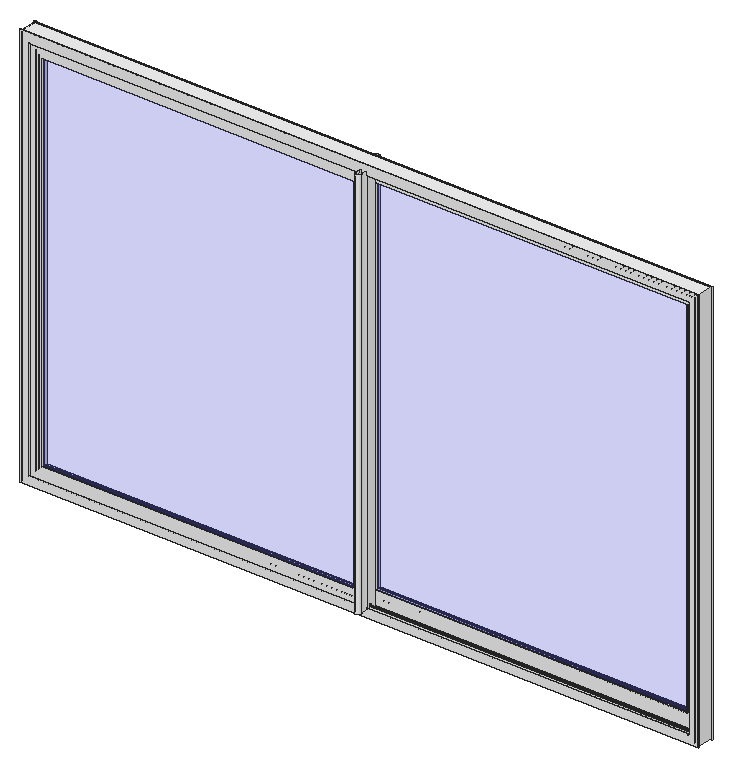
Revit family "1000_Sliding_Window_XX_Standard", category Windows, host Wall, Revit 2014
Parameters (values of type "1000SW-3018XX-2000Pa")
  Windload Design = if(Custom Windload < 1001 mm, 1000 mm, if(Custom Windload < 1501 mm, 1500 mm, 2000 mm))  # 2000 mm
  Width Sash Right [instance] = 1495.7 mm
  Width Sash Left [instance] = 1495.7 mm
  Width = if(Custom Window Width < Limit Window Width Min, Limit Window Width Min, if(Custom Window Width > Limit Window Width Max, Limit Window Width Max, Custom Window Width))  # 2990 mm
  Wall Thickness [instance] = 200 mm
  URL = "http://www.crealco.co.za/crealco-products.php"
  Thermal Resistance (R) [instance] = if(IGDB or SAGDB Number = 1000015, 1.0000 (m²·K)/W / Clearvue U Value, if(IGDB or SAGDB Number = 9922, 1.0000 (m²·K)/W / Energy Advantage U Value, if(IGDB or SAGDB Number = 100100, 1.0000 (m²·K)/W / Intruderprufe U Value, if(IGDB or SAGDB Number = 103200, 1.0000 (m²·K)/W / Intruderprufe LowE U Value, 1.0000 (m²·K)/W / 7.9)))) * 1  # 0.126582 (m²·K)/W
  Standard Interlocker = not(Heavy Duty Interlocker)  # no
  Solar Heat Gain Coefficient [instance] = if(IGDB or SAGDB Number = 1000015, Clearvue SHGC Value, if(IGDB or SAGDB Number = 9922, Energy Advantage SHGC Value, if(IGDB or SAGDB Number = 100100, Intruderprufe SHGC Value, if(IGDB or SAGDB Number = 103200, Intruderprufe LowE SHGC Value, 0))))  # 0
  Sash Width Right = (Width - (2 mm * 28.7) - Sash Width Left) + 58.8 mm  # 1495.7 mm
  Sash Width Left = if(Equal Sash Width, ((Width - (2 mm * 28.7)) / 2) + 29.4 mm, if(Custom Sash Width Left < Limit Sash Width Left Min, Limit Sash Width Left Min, if(Custom Sash Width Left > Limit Sash Width Left Max, Limit Sash Width Left Max, Custom Sash Width Left)))  # 1495.7 mm
  Sash Height = Height - (2 mm * 28.7)  # 1732.6 mm
  Sash Frame Seal = 2 mm  # constant formula
  Overall Width [instance] = 2990 mm
  Overall Height [instance] = 1790 mm
  Model = "1000"  # constant formula
  Max Pane Area = if(Area Right Sash Glazing > Area Left Sash Glazing, Area Right Sash Glazing, Area Left Sash Glazing)  # 2.2768 m²
  Manufacturer = "Crealco"  # constant formula
  Limit Window Width Min = (2 * Limit Sash Width Min) + (2 mm * 28.7) - 58.8 mm  # 598.6 mm
  Limit Window Width Max = (2 * Limit Sash Width Max) + (2 mm * 28.7) - 58.8 mm  # 2998.6 mm
  Limit Window Height Min = Limit Sash Height Min + (2 mm * 28.7)  # 357.4 mm
  Limit Window Height Max = Limit Sash Height Max + (2 mm * 28.7)  # 1857.4 mm
  Limit Sash Width Min = 300 mm  # constant formula
  Limit Sash Width Max = 1500 mm  # constant formula
  Limit Sash Width Left Min = if(Width - (2 mm * 28.7) - Limit Sash Width Max + 58.8 mm < Limit Sash Width Min, Limit Sash Width Min, Width - (2 mm * 28.7) - Limit Sash Width Max + 58.8 mm)  # 1491.4 mm
  Limit Sash Width Left Max = if(Width - (2 mm * 28.7) - Limit Sash Width Min + 58.8 mm > Limit Sash Width Max, Limit Sash Width Max, Width - (2 mm * 28.7) - Limit Sash Width Min + 58.8 mm)  # 1500 mm
  Limit Sash Height Min = 300 mm  # constant formula
  Limit Sash Height Max = 1800 mm  # constant formula
  Is Heavy Duty Mullion = if(Windload Design = 1000 mm, if(and(Width > 1190 mm, Height > 1490 mm), 1 mm, 0 mm), if(Windload Design = 1500 mm, if(or(and(Width > 1490 mm, Height > 1190 mm), Height > 1490 mm), 1 mm, 0 mm), if(or(and(Width > 1190 mm, Height > 1190 mm), Height > 1490 mm), 1 mm, 0 mm)))  # 1 mm
  Intruderprufe U Value = 5.77
  Intruderprufe SHGC Value = 0.705
  Intruderprufe LowE U Value = 4.06
  Intruderprufe LowE SHGC Value = 0.616
  IGDB or SAGDB Number [instance] = 0
  Height Sash [instance] = 1732.6 mm
  Height = if(Custom Window Height < Limit Window Height Min, Limit Window Height Min, if(Custom Window Height > Limit Window Height Max, Limit Window Height Max, Custom Window Height))  # 1790 mm
  Heavy Duty Interlocker = if(Is Heavy Duty Mullion = 1 mm, 1 = 1, 1 = 0)  # yes
  Heat Transfer Coefficient (U) [instance] = if(IGDB or SAGDB Number = 1000015, Clearvue U Value, if(IGDB or SAGDB Number = 9922, Energy Advantage U Value, if(IGDB or SAGDB Number = 100100, Intruderprufe U Value, if(IGDB or SAGDB Number = 103200, Intruderprufe LowE U Value, 7.9)))) * 1.0000 W/(m²·K)  # 7.9000 W/(m²·K)
  Glazing Thickness [instance] = if(IGDB or SAGDB Number = 1000015, 4 mm, if(IGDB or SAGDB Number = 9922, 4 mm, if(IGDB or SAGDB Number = 100100, 6 mm, if(IGDB or SAGDB Number = 103200, 7 mm, if(not(Max Pane Area > 0.75 m²), 4 mm, if(not(Max Pane Area > 1.50 m²), 4 mm, if(not(Max Pane Area > 2.10 m²), 5 mm, if(not(Max Pane Area > 2.90 m²), 6.4 mm, if(not(Max Pane Area > 4.30 m²), 8 mm, 10 mm)))))))))  # 6.4 mm
  Glazing Material [instance] = if(IGDB or SAGDB Number = 1000015, "PFG CLEARVUE 4mm", if(IGDB or SAGDB Number = 9922, "PFG ENERGY ADVANTAGE 4mm LOW-E", if(IGDB or SAGDB Number = 100100, "PFG INTRUDERPRUFE 6.38mm", if(IGDB or SAGDB Number = 103200, "PFG INTRUDERPRUFE LOW-E 7.38mm", "Unknown"))))  # "Unknown"
  Glazing Finish [instance] = Glass
  Glazing Code [instance] = if(IGDB or SAGDB Number = 1000015, "CF4", if(IGDB or SAGDB Number = 9922, "CF4E", if(IGDB or SAGDB Number = 100100, "LAM01", if(IGDB or SAGDB Number = 103200, "LAM01E", "Unknown"))))  # "Unknown"
  Frame Thickness = 75.7 mm  # constant formula
  Frame Offset From Exterior [instance] = Frame Thickness / 2  # 37.85 mm
  Equal Sash Width = yes
  Energy Advantage U Value = 4.12
  Energy Advantage SHGC Value = 0.664
  Description = "Sliding window, XX"  # constant formula
  Default Sill Height = 800 mm
  Wall Closure = By host
  Custom Window Width = 2990 mm
  Custom Window Height = 1790 mm
  Custom Windload = 2000 mm
  Custom Sash Width Left = 0 mm
  Custom Frame Offset From Exterior = 0 mm
  Clearvue U Value = 5.9
  Clearvue SHGC Value = 0.743
  Centered In Wall = yes
  Area Right Sash Glazing = (Sash Width Right - (50.3 mm * 2)) * (Sash Height - (50.3 mm * 2))  # 2.2768 m²
  Area Left Sash Glazing = (Sash Width Left - (50.3 mm * 2)) * (Sash Height - (50.3 mm * 2))  # 2.2768 m²
  Aluminium Finish [instance] = White Powder Coated Aluminium ANP 1052
  All Available Glazing Numbers [instance] = "The rows below list the available glazing materials for this window:"  # constant formula
  9922 [instance] = "CF4E"  # constant formula
  103200 [instance] = "LAM01E"  # constant formula
  100100 [instance] = "LAM01"  # constant formula
  1000015 [instance] = "CF4"  # constant formula
Reference planes
  plane 1 "Center (Front/Back)": y = 0
  plane 2 "Center (Left/Right)": x = 0
  plane 3 "Left": x = -1495
  plane 4 "Right": x = 1495
  plane 5 "Sill": z = 800
  plane 6 "Head": z = 2590
  plane 7 "Exterior": y = 100
  plane 8 "Interior": y = -100
Lines and regions (mm)
  Opening 1
    outline origin (3500, -100, 0) x (1, 0, 0) y (0, 0, 1)
      loop
        line (-2005, 800) -> (-2005, 2590) -> (-4995, 2590) -> (-4995, 800) -> (-2005, 800)
Text (mm)
  text "EXTERIOR" at (-1963.203, 1332.353, 0), in view "Ref. Level"
  text "INTERIOR" at (-1981.466, -818.386, 0), in view "Ref. Level"
  text "Exterior" at (0, 923.751, 2943.296), in view "Right"
  text "Exterior" at (0, 1040.484, 2685.409), in view "Left"
Dimensions and locks
  equal spacing: plane 3 "Left", plane 2 "Center (Left/Right)", plane 4 "Right"
  "Width": plane 3 "Left" to plane 4 "Right"
  "Height": plane 5 "Sill" to plane 6 "Head"
  "Default Sill Height": plane 5 "Sill" to level
  locked: plane 7 "Exterior" to host wall at 0
  locked: plane 8 "Interior" to host wall
  "Overall Height": plane 6 "Head" to plane 5 "Sill"
  "Overall Width": plane 3 "Left" to plane 4 "Right"
  "Frame Offset From Exterior": host wall to nested 1
  "Sash Frame Seal": nested 1 to nested 3
  "Sash Frame Seal": nested 2 to nested 1
  "Width Sash Left": nested 3 to nested 3
  "Width Sash Right": nested 2 to nested 2
  "Height Sash": nested 3 to nested 3
  "Wall Thickness": host wall to host wall
  aligned and locked: nested 1 to nested 3
  aligned and locked: nested 2 to nested 1  (x2)
  aligned and locked: nested 3 to nested 1
  aligned and locked: nested 1 to plane 6 "Head"
  aligned and locked: nested 1 to plane 4 "Right"
  aligned and locked: nested 4 to nested 3  (x3)
  aligned and locked: nested 5 to nested 2
  aligned and locked: nested 2 to nested 5
  aligned and locked: nested 7 to nested 2  (x2)
  aligned and locked: nested 2 to nested 7
  aligned and locked: nested 6 to nested 3  (x3)
  aligned and locked: nested 7 to nested 5
Automatic sketch dimensions
  plane 3 "Left" to Opening 1 sketch curve = 0 mm
  plane 4 "Right" to Opening 1 sketch curve = 0 mm
  Opening 1 sketch curve to plane 5 "Sill" = 0 mm
  Opening 1 sketch curve to plane 6 "Head" = 0 mm
Nested families
  nested 1: "1000_Outer_Frame_With_Lip_XX_Std" at (-1495, -37.85, 800) x (-1, 0, 0) z (0, 0, 1), Width <- "Width", Height <- "Height", Profile Material <- "Aluminium Finish", type "1000_Outer_Frame_With_Lip_XX_Std"
    with Width 2990 mm, Profile Material White Powder Coated Aluminium ANP 1052, Height 1790 mm
  nested 2: "1000_Sash_SG_XX_Std" at (29.401, -2.15, 828.699), Sash Height <- "Sash Height", Sash Width <- "Sash Width Right", Profile Material <- "Aluminium Finish", Glazing Thickness <- "Glazing Thickness", Glazing Material <- "Glazing Finish", type "1000_Sash_SG_XX_Std"
    with Sash Width 1495.7 mm, Sash Height 1732.6 mm, Right Sliding no, Profile Material White Powder Coated Aluminium ANP 1052, Length Arrow Tip 140.919 mm, Length Arrow 465.033 mm, Left Sliding yes, Is Sliding yes, Glazing Thickness 6.4 mm, Glazing Start -3.2 mm, Glazing Material Glass, Glazing End 3.2 mm, Arrow Tip Length 140.919 mm, Arrow Left Gap 515.333 mm, Arrow Bottom Gap 866.3 mm
  nested 3: "1000_Sash_SG_XX_Std" at (1466.299, 37.85, 828.699), Sash Height <- "Sash Height", Sash Width <- "Sash Width Left", Profile Material <- "Aluminium Finish", Glazing Thickness <- "Glazing Thickness", Glazing Material <- "Glazing Finish", type "1000_Sash_SG_XX_Std"
    with Sash Width 1495.7 mm, Sash Height 1732.6 mm, Right Sliding yes, Profile Material White Powder Coated Aluminium ANP 1052, Length Arrow Tip 140.919 mm, Length Arrow 465.033 mm, Left Sliding no, Is Sliding yes, Glazing Thickness 6.4 mm, Glazing Start -3.2 mm, Glazing Material Glass, Glazing End 3.2 mm, Arrow Tip Length 140.919 mm, Arrow Left Gap 515.333 mm, Arrow Bottom Gap 866.3 mm
  nested 4: "1000_Clip_On_Interlocker_XX_Std" at (1.599, 1.55, 828.699) x (0, 1, 0) z (0, 0, 1), Clip On Interlocker Length <- "Sash Height", visible <- "Standard Interlocker", type "1000_Clip_On_Interlocker_XX_Std"
    with Profile Material none, Clip On Interlocker Length 1732.6 mm
  nested 5: "1000_Clip_On_Interlocker_XX_Std" at (-1.599, 6.15, 828.699) x (0, -1, 0) z (0, 0, 1), Clip On Interlocker Length <- "Sash Height", visible <- "Standard Interlocker", type "1000_Clip_On_Interlocker_XX_Std"
    with Profile Material none, Clip On Interlocker Length 1732.6 mm
  nested 6: "1000_Heavy_Duty_Interlocker_XX_Std" at (119.584, -185.916, 828.699) x (0, 1, 0) z (0, 0, 1), visible <- "Heavy Duty Interlocker", Profile Material <- "Aluminium Finish", Heavy Duty Interlocker Length <- "Sash Height", type "1000_Heavy_Duty_Interlocker_XX_Std"
    with Profile Material White Powder Coated Aluminium ANP 1052, Heavy Duty Interlocker Length 1732.6 mm, Heavy Duty Interlocker yes
  nested 7: "1000_Heavy_Duty_Interlocker_XX_Std" at (-119.584, 193.616, 828.699) x (0, -1, 0) z (0, 0, 1), visible <- "Heavy Duty Interlocker", Profile Material <- "Aluminium Finish", Heavy Duty Interlocker Length <- "Sash Height", type "1000_Heavy_Duty_Interlocker_XX_Std"
    with Profile Material White Powder Coated Aluminium ANP 1052, Heavy Duty Interlocker Length 1732.6 mm, Heavy Duty Interlocker yes
Definition of nested family "1000_Outer_Frame_With_Lip_XX_Std"
  Parameters (values of type "1000_Outer_Frame_With_Lip")
    Width [instance] = 1200 mm
    Profile Material [instance] = none
    Height [instance] = 1800 mm
  Reference planes
    plane 1 "Center (Front/Back)": y = 0
    plane 2: z = 0
    plane 3 "Center (Left/Right)": x = 0
  Forms (mm)
    Sweep 1, solid, material <- "Profile Material"
      path origin (0, 0, 0) x (1, 0, 0) y (0, 0, 1)
        loop
          line (0, 0) -> (0, 1800) -> (-1200, 1800) -> (-1200, 0) -> (0, 0)
      profile origin (-600, 0, 0) x (0, 0, -1) y (0, -1, 0)
        loop
          line (0, 0) -> (0, 1.4) -> (-4.241, 1.4) -> (-4.241, 42) -> (-4.241, 74.3) -> (0, 74.3) -> (0, 75.7) -> (-18.001, 75.7) -> (-18.001, 67.7) -> (-38.001, 67.7) -> (-39.788, 62.338) -> (-39.788, 61.062) -> (-38.001, 55.7) -> (-28.701, 55.7) -> (-28.701, 57.1) -> (-36.887, 57.1) -> (-37.885, 60.095) -> (-37.885, 63.305) -> (-36.887, 66.3) -> (-18.001, 66.3) -> (-18.001, 17.1) -> (-36.887, 17.1) -> (-37.885, 20.095) -> (-37.885, 23.305) -> (-36.887, 26.3) -> (-28.701, 26.3) -> (-28.701, 27.7) -> (-38.001, 27.7) -> (-39.788, 22.338) -> (-39.788, 21.062) -> (-38.001, 15.7) -> (-18.001, 15.7) -> (-18.001, 1.4) -> (-39.751, 1.4) -> (-39.751, 0) -> (0, 0)
        loop
          line (-5.641, 74.3) -> (-16.601, 74.3) -> (-16.601, 1.4) -> (-5.641, 1.4) -> (-5.641, 74.3)
  Lines and regions (mm)
    model lines
      curve 1: line (-1200, -75.7, 1800) -> (-1181.999, -75.7, 1781.999)
      curve 2: line (-18.001, -75.7, 1781.999) -> (0, -75.7, 1800)
      curve 3: line (0, -75.7, 0) -> (-18.001, -75.7, 18.001)
      curve 4: line (-1181.999, -75.7, 18.001) -> (-1200, -75.7, 0)
      curve 5: line (-1181.999, -67.7, 18.001) -> (-1161.999, -67.7, 38.001)
      curve 6: line (-38.001, -67.7, 38.001) -> (-18.001, -67.7, 18.001)
      curve 7: line (-18.001, -67.7, 1781.999) -> (-38.001, -67.7, 1761.999)
      curve 8: line (-1181.999, -67.7, 1781.999) -> (-1161.999, -67.7, 1761.999)
      curve 9: line (0, 0, 1800) -> (-39.788, 0, 1760.212)
      curve 10: line (-1200, 0, 1800) -> (-1160.249, 0, 1760.249)
      curve 11: line (-1200, 0, 0) -> (-1160.249, 0, 39.751)
      curve 12: line (0, 0, 0) -> (-39.788, 0, 39.788)
  Dimensions and locks
    "Width": Sweep 1 sketch curve to Sweep 1 sketch curve
    "Height": Sweep 1 sketch curve to Sweep 1 sketch curve
    aligned and locked: level to plane 2
  Automatic sketch dimensions
    Sweep 1 sketch curve to plane 1 "Center (Front/Back)" = 0 mm
    Sweep 1 sketch curve to profile plane = 0 mm  (x2)
    Sweep 1 sketch curve to Sweep 1 sketch curve = 4.241 mm
    Sweep 1 sketch curve to Sweep 1 sketch curve = 1.4 mm  (x8)
    plane 1 "Center (Front/Back)" to Sweep 1 sketch curve = 1.4 mm  (x2)
    Sweep 1 sketch curve to Sweep 1 sketch curve = 10.96 mm
    Sweep 1 sketch curve to Sweep 1 sketch curve = 0 mm  (x3)
    Sweep 1 sketch curve to Sweep 1 sketch curve = 10.7 mm  (x2)
    Sweep 1 sketch curve to Sweep 1 sketch curve = 8.186 mm  (x4)
    plane 1 "Center (Front/Back)" to Sweep 1 sketch curve = 17.1 mm
    Sweep 1 sketch curve to Sweep 1 sketch curve = 0.998 mm  (x2)
    Sweep 1 sketch curve to Sweep 1 sketch curve = 1.114 mm  (x4)
    Sweep 1 sketch curve to Sweep 1 sketch curve = 1.75 mm
    Sweep 1 sketch curve to Sweep 1 sketch curve = 1.904 mm  (x2)
    Sweep 1 sketch curve to Sweep 1 sketch curve = 2.995 mm  (x4)
    Sweep 1 sketch curve to Sweep 1 sketch curve = 0.967 mm  (x4)
    Sweep 1 sketch curve to Sweep 1 sketch curve = 1.276 mm  (x2)
    Sweep 1 sketch curve to Sweep 1 sketch curve = 14.3 mm
    Sweep 1 sketch curve to Sweep 1 sketch curve = 28 mm
    Sweep 1 sketch curve to Sweep 1 sketch curve = 6.6 mm
    curve 3 to Sweep 1 = 0 mm  (x3)
    Sweep 1 to curve 3 = 0 mm
    curve 2 to Sweep 1 = 0 mm  (x4)
    curve 1 to Sweep 1 = 0 mm  (x4)
    curve 4 to Sweep 1 = 0 mm  (x3)
    Sweep 1 to curve 4 = 0 mm
    curve 7 to Sweep 1 = 0 mm  (x4)
    curve 6 to Sweep 1 = 0 mm  (x3)
    Sweep 1 to curve 6 = 0 mm
    curve 5 to Sweep 1 = 0 mm  (x3)
    Sweep 1 to curve 5 = 0 mm
    curve 8 to Sweep 1 = 0 mm  (x4)
    curve 12 to Sweep 1 = 0 mm  (x2)
    curve 9 to Sweep 1 = 0 mm
    Sweep 1 to curve 9 = 0 mm
    curve 11 to Sweep 1 = 0 mm  (x4)
    curve 10 to Sweep 1 = 0 mm  (x3)
    Sweep 1 to curve 10 = 0 mm
    curve 12 to Sweep 1 = 0.037 mm  (x2)
    curve 9 to Sweep 1 = 0.037 mm  (x2)
    Sweep 1 sketch curve to level = 0 mm
    Sweep 1 sketch curve to plane 3 "Center (Left/Right)" = 0 mm
Definition of nested family "1000_Sash_SG_XX_Std"
  Parameters (values of type "1000_Sash_SG")
    Sash Width [instance] = 450 mm
    Sash Height [instance] = 600 mm
    Right Sliding [instance] = yes
    Profile Material [instance] = White Powder Coated Aluminium ANP 1052
    Length Arrow Tip [instance] = Length Arrow / 3.3  # 35.293 mm
    Length Arrow [instance] = (Sash Width - (2 * 50.3 mm)) / 3  # 116.467 mm
    Left Sliding [instance] = yes
    Is Sliding [instance] = if(or(Right Sliding, Left Sliding), 1 = 1, 1 = 2)  # yes
    Glazing Thickness [instance] = 6.4 mm
    Glazing Start [instance] = -Glazing Thickness / 2  # -3.2 mm
    Glazing Material [instance] = Glass
    Glazing Frame Gap = 5 mm  # constant formula
    Glazing End [instance] = Glazing Thickness / 2  # 3.2 mm
    Arrow Tip Length [instance] = if((Sash Height - (2 * 50.3 mm)) / 8 > Length Arrow / 3.3, Length Arrow / 3.3, (Sash Height - (2 * 50.3 mm)) / 8)  # 35.293 mm
    Arrow Tip Angle = 45.00°
    Arrow Left Gap [instance] = (Sash Width - Length Arrow) / 2  # 166.767 mm
    Arrow Bottom Gap [instance] = Sash Height / 2  # 300 mm
  Reference planes
    plane 1 "Center (Front/Back)": y = 0
    plane 2: z = 0
    plane 3 "Center (Left/Right)": x = 0
    plane 4: y = -14
  Forms (mm)
    Sweep 1, solid, material "White Powder Coated Aluminium ANP 1052" <- "Profile Material"
      path origin (0, 0, 0) x (1, 0, 0) y (0, 0, 1)
        loop
          line (0, 0) -> (0, 600) -> (-450, 600) -> (-450, 0) -> (0, 0)
      profile origin (-225, 0, 0) x (0, 0, -1) y (0, -1, 0)
        loop
          line (-60, 0) -> (0, 0) -> (0, 6) -> (-1.3, 6) -> (-1.3, 1.3) -> (-31.5, 1.3) -> (-31.5, 5) -> (-30, 5) -> (-30, 23) -> (-31.5, 23) -> (-31.5, 26.7) -> (-1.3, 26.7) -> (-1.3, 22) -> (0, 22) -> (0, 28) -> (-60, 28) -> (-60, 20) -> (-58.7, 20) -> (-58.7, 26.7) -> (-45.3, 26.7) -> (-45.3, 1.3) -> (-58.7, 1.3) -> (-58.7, 8) -> (-60, 8) -> (-60, 0)
        loop
          line (-44, 26.7) -> (-44, 1.3) -> (-33, 1.3) -> (-33, 6.3) -> (-31.5, 6.3) -> (-31.5, 21.7) -> (-33, 21.7) -> (-33, 26.7) -> (-44, 26.7)
    Extrusion 2, solid, material "Glass" <- "Glazing Material"
      sketch origin (-1130, -14, 1200) x (-1, 0, 0) y (0, 0, 1)
        loop
          line (-730.3, -650.3) -> (-1079.7, -650.3) -> (-1079.7, -1149.7) -> (-730.3, -1149.7) -> (-730.3, -650.3)
      from -3.2 <- "Glazing Start" to 3.2 <- "Glazing End"
  Lines and regions (mm)
    model lines
      curve 1: line (-390, 0, 540) -> (-450, 0, 600)
      curve 2: line (-60, 0, 540) -> (0, 0, 600)
      curve 3: line (0, 0, 0) -> (-60, 0, 60)
      curve 4: line (-390, 0, 60) -> (-450, 0, 0)
      curve 5: line (-60, -28, 540) -> (0, -28, 600)
      curve 6: line (-390, -28, 540) -> (-450, -28, 600)
      curve 7: line (-450, -28, 0) -> (-390, -28, 60)
      curve 8: line (0, -28, 0) -> (-60, -28, 60)
    model lines, visible <- "Is Sliding"
      curve 9: line (-283.233, -10.8, 300) -> (-166.767, -10.8, 300)
    model lines, visible <- "Left Sliding"
      curve 10: line (-166.767, -10.8, 300) -> (-191.723, -10.8, 324.956)
      curve 11: line (-166.767, -10.8, 300) -> (-191.723, -10.8, 275.044)
    model lines, visible <- "Right Sliding"
      curve 12: line (-283.233, -10.8, 300) -> (-258.277, -10.8, 324.956)
      curve 13: line (-283.233, -10.8, 300) -> (-258.277, -10.8, 275.044)
  Dimensions and locks
    "Sash Width": Sweep 1 sketch curve to Sweep 1 sketch curve
    "Sash Height": Sweep 1 sketch curve to Sweep 1 sketch curve
    "Glazing Frame Gap": Sweep 1 to Extrusion 2 sketch curve
    "Glazing Frame Gap": Extrusion 2 sketch curve to Sweep 1  (x3)
    "Length Arrow": curve 9 to curve 9
    "Arrow Left Gap": plane 3 "Center (Left/Right)" to curve 9
    "Arrow Bottom Gap": level to curve 9
    "Arrow Tip Length": curve 11 to curve 10
    "Arrow Tip Length": curve 11 to curve 11
    "Length Arrow Tip": curve 13 to curve 13
    "Length Arrow Tip": curve 13 to curve 12
    "Arrow Tip Angle": angle curve 11 to curve 9
    "Arrow Tip Angle": angle curve 9 to curve 10
    "Arrow Tip Angle": angle curve 12 to curve 9
    "Arrow Tip Angle": angle curve 9 to curve 13
    aligned and locked: level to plane 2
  Automatic sketch dimensions
    curve 2 to Sweep 1 = 0 mm  (x4)
    curve 3 to Sweep 1 = 0 mm  (x3)
    Sweep 1 to curve 3 = 0 mm
    curve 1 to Sweep 1 = 0 mm  (x4)
    curve 4 to Sweep 1 = 0 mm  (x3)
    Sweep 1 to curve 4 = 0 mm
    curve 8 to Sweep 1 = 0 mm  (x4)
    curve 5 to Sweep 1 = 0 mm  (x3)
    Sweep 1 to curve 5 = 0 mm
    curve 7 to Sweep 1 = 0 mm  (x4)
    curve 6 to Sweep 1 = 0 mm  (x3)
    Sweep 1 to curve 6 = 0 mm
    Sweep 1 sketch curve to plane 1 "Center (Front/Back)" = 0 mm
    Sweep 1 sketch curve to profile plane = 0 mm  (x2)
    profile plane to Sweep 1 sketch curve = 1.3 mm
    Sweep 1 sketch curve to Sweep 1 sketch curve = 1.3 mm  (x7)
    Sweep 1 sketch curve to Sweep 1 sketch curve = 28.7 mm
    plane 1 "Center (Front/Back)" to Sweep 1 sketch curve = 1.3 mm  (x2)
    Sweep 1 sketch curve to Sweep 1 sketch curve = 1.5 mm  (x5)
    Sweep 1 sketch curve to Sweep 1 sketch curve = 11 mm
    Sweep 1 sketch curve to Sweep 1 sketch curve = 13.4 mm  (x2)
    Sweep 1 sketch curve to Sweep 1 sketch curve = 0 mm
    Sweep 1 sketch curve to Sweep 1 sketch curve = 3.7 mm
    Sweep 1 sketch curve to Sweep 1 sketch curve = 4.7 mm  (x2)
    Sweep 1 sketch curve to Sweep 1 sketch curve = 6.7 mm  (x2)
    Sweep 1 sketch curve to Sweep 1 sketch curve = 12 mm
    Sweep 1 sketch curve to Sweep 1 sketch curve = 15.4 mm
    Sweep 1 sketch curve to Sweep 1 sketch curve = 16 mm
    Sweep 1 sketch curve to Sweep 1 sketch curve = 5 mm
    Sweep 1 sketch curve to level = 0 mm
    Sweep 1 sketch curve to plane 3 "Center (Left/Right)" = 0 mm
Definition of nested family "1000_Clip_On_Interlocker_XX_Std"
  Parameters (values of type "1000_Clip_On_Interlocker")
    Profile Material [instance] = none
    Notch Width = 13.1 mm  # constant formula
    Notch Side Gap = 4.8 mm  # constant formula
    Notch Height = 20 mm  # constant formula
    Clip On Interlocker Length [instance] = 250 mm
  Reference planes
    plane 1 "Center (Front/Back)": y = 0
    plane 2: z = 0
    plane 3 "Center (Left/Right)": x = 0
  Forms (mm)
    Extrusion 1, solid, material <- "Profile Material"
      sketch origin (0, 0, 0) x (1, 0, 0) y (0, 1, 0)
        loop
          line (0, 32.2) -> (0, 24.6) -> (6.9, 24.6) -> (6.9, 10) -> (0, 10) -> (0, 0) -> (1.2, 0) -> (1.2, 8.8) -> (6.9, 8.8) -> (6.9, 5.7) -> (8.3, 5.7) -> (8.3, 25.8) -> (1.2, 25.8) -> (1.2, 31) -> (14.6, 31) -> (14.6, 24.5) -> (15.775, 24.5) -> (15.775, 31) -> (28.875, 31) -> (28.875, 24.5) -> (30, 24.5) -> (30, 31) -> (33.7, 31) -> (33.7, 32.2) -> (0, 32.2)
      from 0 to 250 <- "Clip On Interlocker Length"
    Extrusion 2, void
      sketch origin (33.075, 32.2, 0) x (1, 0, 0) y (0, 0, 1)
        loop
          line (-4.175, 250) -> (-17.275, 250) -> (-17.275, 230) -> (-4.175, 230) -> (-4.175, 250)
        loop
          line (-4.175, 0) -> (-4.175, 20) -> (-17.275, 20) -> (-17.275, 0) -> (-4.175, 0)
      from 0 to 2
  Cuts and joins
    Extrusion 2 cuts Extrusion 1
  Dimensions and locks
    "Notch Side Gap": Extrusion 1 to Extrusion 2 sketch curve  (x2)
    "Notch Width": Extrusion 2 sketch curve to Extrusion 2 sketch curve  (x2)
    "Notch Height": Extrusion 1 to Extrusion 2 sketch curve
    "Notch Height": Extrusion 2 sketch curve to Extrusion 1
    aligned and locked: level to plane 2
    aligned and locked: Extrusion 1 to Extrusion 2 sketch curve
    aligned and locked: Extrusion 2 sketch curve to Extrusion 1
  Automatic sketch dimensions
    Extrusion 1 sketch curve to plane 3 "Center (Left/Right)" = 0 mm  (x2)
    plane 1 "Center (Front/Back)" to Extrusion 1 sketch curve = 0 mm
    plane 3 "Center (Left/Right)" to Extrusion 1 sketch curve = 1.2 mm  (x2)
    Extrusion 1 sketch curve to Extrusion 1 sketch curve = 5.7 mm
    Extrusion 1 sketch curve to Extrusion 1 sketch curve = 0 mm  (x3)
    Extrusion 1 sketch curve to Extrusion 1 sketch curve = 1.4 mm
    Extrusion 1 sketch curve to Extrusion 1 sketch curve = 6.3 mm
    Extrusion 1 sketch curve to Extrusion 1 sketch curve = 1.175 mm
    Extrusion 1 sketch curve to Extrusion 1 sketch curve = 13.1 mm
    Extrusion 1 sketch curve to Extrusion 1 sketch curve = 1.125 mm
    Extrusion 1 sketch curve to Extrusion 1 sketch curve = 3.7 mm
    Extrusion 1 sketch curve to plane 1 "Center (Front/Back)" = 5.7 mm
    Extrusion 1 sketch curve to Extrusion 1 sketch curve = 3.1 mm
    Extrusion 1 sketch curve to Extrusion 1 sketch curve = 1.2 mm  (x3)
    Extrusion 1 sketch curve to Extrusion 1 sketch curve = 14.5 mm
    Extrusion 1 sketch curve to Extrusion 1 sketch curve = 14.6 mm
    Extrusion 1 sketch curve to Extrusion 1 sketch curve = 6.5 mm  (x2)
Definition of nested family "1000_Heavy_Duty_Interlocker_XX_Std"
  Parameters (values of type "1000_Heavy_Duty_Interlocker")
    Profile Material [instance] = none
    Notch Width = 13 mm  # constant formula
    Notch Side Gap = 15.8 mm  # constant formula
    Notch Height = 20 mm  # constant formula
    Heavy Duty Interlocker Length [instance] = 250 mm
    Heavy Duty Interlocker [instance] = yes
  Reference planes
    plane 1 "Center (Front/Back)": y = 0
    plane 2: z = 0
    plane 3 "Center (Left/Right)": x = 0
  Forms (mm)
    Extrusion 1, solid, material <- "Profile Material", visible <- "Heavy Duty Interlocker"
      sketch origin (374.931, 0, 0) x (-1, 0, 0) y (0, -1, 0)
        loop
          line (158.706, -148.985) -> (158.706, -145.885) -> (157.506, -145.885) -> (157.506, -148.985) -> (151.156, -148.985) -> (151.156, -122.127)
          arc (151.156, -122.127) -> (134.132, -124.551) -> (116.984, -123.281) r 80
          arc (116.984, -123.281) -> (104.109, -136.156) -> (116.984, -149.031) r 12.875
          arc (116.984, -149.031) -> (134.132, -147.761) -> (151.156, -150.185) r 80
          line (151.156, -150.185) -> (187.466, -150.185) -> (187.466, -139.985) -> (186.266, -139.985) -> (186.266, -142.585) -> (180.266, -142.585) -> (180.266, -127.985) -> (186.266, -127.985) -> (186.266, -130.585) -> (187.466, -130.585) -> (187.466, -117.985) -> (186.266, -117.985) -> (186.266, -126.785) -> (180.266, -126.785) -> (180.266, -123.685) -> (179.166, -123.685) -> (179.166, -143.785) -> (186.266, -143.785) -> (186.266, -148.985) -> (172.841, -148.985) -> (172.841, -145.885) -> (171.641, -145.885) -> (171.641, -148.985) -> (158.706, -148.985)
        loop
          arc (149.756, -124.533) -> (149.569, -124.143) -> (149.147, -124.045) r 0.5
          arc (149.147, -124.045) -> (141.472, -125.375) -> (133.704, -125.964) r 81.4
          arc (133.704, -125.964) -> (125.312, -125.766) -> (116.984, -124.704) r 81.4
          arc (116.984, -124.704) -> (105.532, -136.156) -> (116.984, -147.608) r 11.452
          arc (116.984, -147.608) -> (125.312, -146.546) -> (133.704, -146.347) r 81.4
          arc (133.704, -146.347) -> (141.472, -146.937) -> (149.147, -148.266) r 81.4
          arc (149.147, -148.266) -> (149.569, -148.169) -> (149.756, -147.778) r 0.5
          line (149.756, -147.778) -> (149.756, -124.533)
      from 0 to 250 <- "Heavy Duty Interlocker Length"
    Extrusion 2, void
      sketch origin (187.466, 150.185, 0) x (-1, 0, 0) y (0, 0, -1)
        loop
          line (-15.825, -250) -> (-15.825, -230) -> (-28.76, -230) -> (-28.76, -250) -> (-15.825, -250)
        loop
          line (-15.825, 0) -> (-28.76, 0) -> (-28.76, -20) -> (-15.825, -20) -> (-15.825, 0)
      from 0 to 250
  Cuts and joins
    Extrusion 2 cuts Extrusion 1
  Dimensions and locks
    "Notch Height": Extrusion 2 sketch curve to Extrusion 1
    "Notch Height": Extrusion 1 to Extrusion 2 sketch curve
    aligned and locked: level to plane 2
  Automatic sketch dimensions
    Extrusion 1 sketch curve to Extrusion 1 sketch curve = 0 mm  (x22)
    plane 1 "Center (Front/Back)" to Extrusion 1 sketch curve = 136.156 mm
    Extrusion 1 sketch curve to plane 3 "Center (Left/Right)" = 257.947 mm
    Extrusion 1 sketch curve to Extrusion 1 sketch curve = 14.448 mm  (x2)
    plane 1 "Center (Front/Back)" to Extrusion 1 sketch curve = 44.596 mm
    Extrusion 1 sketch curve to Extrusion 1 sketch curve = 32.272 mm
    Extrusion 1 sketch curve to Extrusion 1 sketch curve = 0.5 mm
    Extrusion 1 sketch curve to Extrusion 1 sketch curve = 1.4 mm
    Extrusion 1 sketch curve to Extrusion 1 sketch curve = 6.35 mm
    Extrusion 1 sketch curve to Extrusion 1 sketch curve = 1.2 mm  (x7)
    Extrusion 1 sketch curve to Extrusion 1 sketch curve = 12.935 mm
    Extrusion 1 sketch curve to Extrusion 1 sketch curve = 6.325 mm
    Extrusion 1 sketch curve to Extrusion 1 sketch curve = 1.1 mm
    Extrusion 1 sketch curve to Extrusion 1 sketch curve = 6 mm  (x2)
    Extrusion 1 sketch curve to Extrusion 1 sketch curve = 18.171 mm
    Extrusion 1 sketch curve to Extrusion 1 sketch curve = 4.142 mm
    Extrusion 1 sketch curve to Extrusion 1 sketch curve = 5.7 mm
    Extrusion 1 sketch curve to Extrusion 1 sketch curve = 2.407 mm
    Extrusion 1 sketch curve to Extrusion 1 sketch curve = 3.1 mm  (x2)
    Extrusion 1 sketch curve to Extrusion 1 sketch curve = 2.6 mm  (x2)
    Extrusion 1 sketch curve to Extrusion 1 sketch curve = 9.4 mm
    Extrusion 1 sketch curve to Extrusion 1 sketch curve = 2.1 mm
    Extrusion 1 sketch curve to Extrusion 1 sketch curve = 1.893 mm
    Extrusion 1 sketch curve to Extrusion 1 sketch curve = 5.2 mm
    Extrusion 1 sketch curve to Extrusion 1 sketch curve = 15.443 mm  (x2)
    Extrusion 2 sketch curve to Extrusion 1 = 0 mm  (x2)
    Extrusion 2 sketch curve to Extrusion 1 = 7.55 mm  (x2)
    Extrusion 2 sketch curve to Extrusion 2 sketch curve = 12.935 mm  (x2)
Types (118, lengths in mm): name | Windload Design | Width Sash Right | Width Sash Left | Width | Standard Interlocker | Sash Width Right | Sash Width Left | Sash Height | Overall Width | Overall Height | Max Pane Area | Limit Sash Width Left Min | Limit Sash Width Left Max | Is Heavy Duty Mullion | Intruderprufe U Value | Intruderprufe SHGC Value | Intruderprufe LowE U Value | Intruderprufe LowE SHGC Value | Height Sash | Height | Heavy Duty Interlocker | Glazing Thickness | Energy Advantage U Value | Energy Advantage SHGC Value | Custom Window Width | Custom Window Height | Custom Windload | Clearvue U Value | Clearvue SHGC Value | Area Right Sash Glazing | Area Left Sash Glazing
  (no name) | 2000 | 1495.7 | 1495.7 | 2990 | no | 1495.7 | 1495.7 | 1732.6 | 2990 | 1790 | 2.2768 m² | 1491.4 | 1500 | 1 | 5.77 | 0.705 | 4.06 | 0.616 | 1732.6 | 1790 | yes | 6.4 | 4.12 | 0.664 | 2990 | 1790 | 2000 | 5.9 | 0.743 | 2.2768 m² | 2.2768 m²
  1000SW-0906XX-1000Pa | 1000 | 445.7 | 445.7 | 890 | yes | 445.7 | 445.7 | 532.6 | 890 | 590 | 0.149083 m² | 300 | 591.4 | 0 | 5.8 | 0.509 | 4.814 | 0.444 | 532.6 | 590 | no | 4 | 4.85 | 0.481 | 890 | 590 | 1000 | 5.91 | 0.536 | 0.149083 m² | 0.149083 m²
  1000SW-1206XX-1000Pa | 1000 | 1500 | 1500 | 1190 | yes | 595.7 | 595.7 | 532.6 | 2998.6 | 1800 | 0.213883 m² | 300 | 891.4 | 0 | 5.91 | 0.595 | 4.47 | 0.525 | 1742.6 | 590 | no | 4 | 4.52 | 0.562 | 1190 | 590 | 1000 | 5.85 | 0.627 | 0.213883 m² | 0.213883 m²
  1000SW-1506XX-1000Pa | 1000 | 1500 | 1500 | 1490 | yes | 745.7 | 745.7 | 532.6 | 2998.6 | 1800 | 0.278683 m² | 300 | 1191.4 | 0 | 5.98 | 0.539 | 4.81 | 0.459 | 1742.6 | 590 | no | 4 | 4.84 | 0.509 | 1490 | 590 | 1000 | 6.09 | 0.568 | 0.278683 m² | 0.278683 m²
  1000SW-1806XX-1000Pa | 1000 | 1500 | 1500 | 1790 | yes | 895.7 | 895.7 | 532.6 | 2998.6 | 1800 | 0.343483 m² | 300 | 1491.4 | 0 | 6.02 | 0.547 | 4.81 | 0.476 | 1742.6 | 590 | no | 4 | 4.84 | 0.516 | 1790 | 590 | 1000 | 6.14 | 0.576 | 0.343483 m² | 0.343483 m²
  1000SW-2106XX-1000Pa | 1000 | 1045.7 | 1045.7 | 2090 | yes | 1045.7 | 1045.7 | 532.6 | 2090 | 590 | 0.408283 m² | 591.4 | 1500 | 0 | 6.05 | 0.552 | 4.8 | 0.48 | 532.6 | 590 | no | 4 | 4.84 | 0.521 | 2090 | 590 | 1000 | 6.17 | 0.581 | 0.408283 m² | 0.408283 m²
  1000SW-2406XX-1000Pa | 1000 | 1500 | 1500 | 2390 | yes | 1195.7 | 1195.7 | 532.6 | 2998.6 | 1800 | 0.473083 m² | 891.4 | 1500 | 0 | 6.08 | 0.556 | 4.8 | 0.484 | 1742.6 | 590 | no | 4 | 4.84 | 0.525 | 2390 | 590 | 1000 | 6.19 | 0.586 | 0.473083 m² | 0.473083 m²
  1000SW-2706XX-1000Pa | 1000 | 1500 | 1500 | 2690 | yes | 1345.7 | 1345.7 | 532.6 | 2998.6 | 1800 | 0.537883 m² | 1191.4 | 1500 | 0 | 6.09 | 0.559 | 4.8 | 0.486 | 1742.6 | 590 | no | 4 | 4.84 | 0.528 | 2690 | 590 | 1000 | 6.21 | 0.589 | 0.537883 m² | 0.537883 m²
  1000SW-3006XX-1000Pa | 1000 | 1500 | 1500 | 2990 | yes | 1495.7 | 1495.7 | 532.6 | 2998.6 | 1800 | 0.602683 m² | 1491.4 | 1500 | 0 | 6.11 | 0.562 | 4.8 | 0.488 | 1742.6 | 590 | no | 4 | 4.84 | 0.53 | 2990 | 590 | 1000 | 6.22 | 0.592 | 0.602683 m² | 0.602683 m²
  1000SW-0909XX-1000Pa | 1000 | 1500 | 1500 | 890 | yes | 445.7 | 445.7 | 832.6 | 2998.6 | 1800 | 0.252613 m² | 300 | 591.4 | 0 | 5.63 | 0.574 | 4.49 | 0.502 | 1742.6 | 890 | no | 4 | 4.54 | 0.541 | 890 | 890 | 1000 | 5.73 | 0.604 | 0.252613 m² | 0.252613 m²
  1000SW-1209XX-1000Pa | 1000 | 1500 | 1500 | 1190 | yes | 595.7 | 595.7 | 832.6 | 2998.6 | 1800 | 0.362413 m² | 300 | 891.4 | 0 | 5.74 | 0.595 | 4.47 | 0.52 | 1742.6 | 890 | no | 4 | 4.52 | 0.562 | 1190 | 890 | 1000 | 5.85 | 0.627 | 0.362413 m² | 0.362413 m²
  1000SW-1509XX-1000Pa | 1000 | 1500 | 1500 | 1490 | yes | 745.7 | 745.7 | 832.6 | 2998.6 | 1800 | 0.472213 m² | 300 | 1191.4 | 0 | 5.81 | 0.608 | 4.45 | 0.531 | 1742.6 | 890 | no | 4 | 4.5 | 0.573 | 1490 | 890 | 1000 | 5.92 | 0.641 | 0.472213 m² | 0.472213 m²
  1000SW-1809XX-1000Pa | 1000 | 1500 | 1500 | 1790 | yes | 895.7 | 895.7 | 832.6 | 2998.6 | 1800 | 0.582013 m² | 300 | 1491.4 | 0 | 5.85 | 0.617 | 4.45 | 0.538 | 1742.6 | 890 | no | 4 | 4.5 | 0.581 | 1790 | 890 | 1000 | 5.97 | 0.65 | 0.582013 m² | 0.582013 m²
  1000SW-2109XX-1000Pa | 1000 | 1500 | 1500 | 2090 | yes | 1045.7 | 1045.7 | 832.6 | 2998.6 | 1800 | 0.691813 m² | 591.4 | 1500 | 0 | 5.88 | 0.623 | 4.44 | 0.543 | 1742.6 | 890 | no | 4 | 4.49 | 0.587 | 2090 | 890 | 1000 | 6 | 0.656 | 0.691813 m² | 0.691813 m²
  1000SW-2409XX-1000Pa | 1000 | 1500 | 1500 | 2390 | yes | 1195.7 | 1195.7 | 832.6 | 2998.6 | 1800 | 0.801613 m² | 891.4 | 1500 | 0 | 5.91 | 0.627 | 4.44 | 0.547 | 1742.6 | 890 | no | 4 | 4.48 | 0.591 | 2390 | 890 | 1000 | 6.02 | 0.661 | 0.801613 m² | 0.801613 m²
  1000SW-2709XX-1000Pa | 1000 | 1500 | 1500 | 2690 | yes | 1345.7 | 1345.7 | 832.6 | 2998.6 | 1800 | 0.911413 m² | 1191.4 | 1500 | 0 | 5.92 | 0.631 | 4.43 | 0.55 | 1742.6 | 890 | no | 4 | 4.48 | 0.595 | 2690 | 890 | 1000 | 6.04 | 0.665 | 0.911413 m² | 0.911413 m²
  1000SW-3009XX-1000Pa | 1000 | 1500 | 1500 | 2990 | yes | 1495.7 | 1495.7 | 832.6 | 2998.6 | 1800 | 1.02121 m² | 1491.4 | 1500 | 0 | 5.94 | 0.634 | 4.43 | 0.552 | 1742.6 | 890 | no | 4 | 4.48 | 0.597 | 2990 | 890 | 1000 | 6.06 | 0.668 | 1.02121 m² | 1.02121 m²
  1000SW-0912XX-1000Pa | 1000 | 1500 | 1500 | 890 | yes | 445.7 | 445.7 | 1132.6 | 2998.6 | 1800 | 0.356143 m² | 300 | 591.4 | 0 | 5.54 | 0.606 | 4.33 | 0.531 | 1742.6 | 1190 | no | 4 | 4.39 | 0.572 | 890 | 1190 | 1000 | 5.65 | 2.638 | 0.356143 m² | 0.356143 m²
  1000SW-1212XX-1000Pa | 1000 | 1500 | 1500 | 1190 | yes | 595.7 | 595.7 | 1132.6 | 2998.6 | 1800 | 0.510943 m² | 300 | 891.4 | 0 | 5.65 | 0.629 | 4.3 | 0.55 | 1742.6 | 1190 | no | 4 | 4.35 | 0.593 | 1190 | 1190 | 1000 | 5.77 | 0.662 | 0.510943 m² | 0.510943 m²
  1000SW-1512XX-1000Pa | 1000 | 1500 | 1500 | 1490 | yes | 745.7 | 745.7 | 1132.6 | 2998.6 | 1800 | 0.665743 m² | 300 | 1191.4 | 0 | 5.72 | 0.642 | 4.28 | 0.561 | 1742.6 | 1190 | no | 4 | 4.34 | 0.605 | 1490 | 1190 | 1000 | 5.84 | 0.677 | 0.665743 m² | 0.665743 m²
  1000SW-1812XX-1000Pa | 1000 | 1500 | 1500 | 1790 | yes | 895.7 | 895.7 | 1132.6 | 2998.6 | 1800 | 0.820543 m² | 300 | 1491.4 | 0 | 5.77 | 0.651 | 4.27 | 0.569 | 1742.6 | 1190 | no | 4 | 4.32 | 0.614 | 1790 | 1190 | 1000 | 5.88 | 0.686 | 0.820543 m² | 0.820543 m²
  1000SW-2112XX-1000Pa | 1000 | 1500 | 1500 | 2090 | yes | 1045.7 | 1045.7 | 1132.6 | 2998.6 | 1800 | 0.975343 m² | 591.4 | 1500 | 0 | 5.8 | 0.658 | 4.26 | 0.574 | 1742.6 | 1190 | no | 4 | 4.32 | 0.62 | 2090 | 1190 | 1000 | 5.92 | 0.693 | 0.975343 m² | 0.975343 m²
  1000SW-2412XX-1000Pa | 1000 | 1500 | 1500 | 2390 | yes | 1195.7 | 1195.7 | 1132.6 | 2998.6 | 1800 | 1.13014 m² | 891.4 | 1500 | 0 | 5.82 | 0.663 | 4.26 | 0.578 | 1742.6 | 1190 | no | 4 | 4.31 | 0.624 | 2390 | 1190 | 1000 | 5.94 | 0.698 | 1.13014 m² | 1.13014 m²
  1000SW-2712XX-1000Pa | 1000 | 1500 | 1500 | 2690 | yes | 1345.7 | 1345.7 | 1132.6 | 2998.6 | 1800 | 1.28494 m² | 1191.4 | 1500 | 0 | 5.84 | 0.666 | 4.25 | 0.582 | 1742.6 | 1190 | no | 4 | 4.3 | 0.628 | 2690 | 1190 | 1000 | 5.96 | 0.702 | 1.28494 m² | 1.28494 m²
  1000SW-3012XX-1000Pa | 1000 | 1495.7 | 1495.7 | 2990 | yes | 1495.7 | 1495.7 | 1132.6 | 2990 | 1190 | 1.43974 m² | 1491.4 | 1500 | 0 | 5.86 | 0.669 | 4.25 | 0.584 | 1132.6 | 1190 | no | 4 | 4.3 | 0.631 | 2990 | 1190 | 1000 | 5.98 | 0.705 | 1.43974 m² | 1.43974 m²
  1000SW-0915XX-1000Pa | 1000 | 1495.7 | 1495.7 | 890 | yes | 445.7 | 445.7 | 1432.6 | 2990 | 1190 | 0.459673 m² | 300 | 591.4 | 0 | 5.49 | 0.625 | 4.23 | 0.548 | 1132.6 | 1490 | no | 4 | 4.29 | 0.59 | 890 | 1490 | 1000 | 5.6 | 0.658 | 0.459673 m² | 0.459673 m²
  1000SW-1215XX-1000Pa | 1000 | 1495.7 | 1495.7 | 1190 | yes | 595.7 | 595.7 | 1432.6 | 2990 | 1190 | 0.659473 m² | 300 | 891.4 | 0 | 5.6 | 0.649 | 4.2 | 0.568 | 1132.6 | 1490 | no | 4 | 4.26 | 0.611 | 1190 | 1490 | 1000 | 5.72 | 0.683 | 0.659473 m² | 0.659473 m²
  1000SW-1515XX-1000Pa | 1000 | 1495.7 | 1495.7 | 1490 | yes | 745.7 | 745.7 | 1432.6 | 2990 | 1190 | 0.859273 m² | 300 | 1191.4 | 0 | 5.67 | 0.663 | 4.18 | 0.58 | 1132.6 | 1490 | no | 4 | 4.24 | 0.625 | 1490 | 1490 | 1000 | 5.79 | 0.698 | 0.859273 m² | 0.859273 m²
  1000SW-1815XX-1000Pa | 1000 | 1495.7 | 1495.7 | 1790 | yes | 895.7 | 895.7 | 1432.6 | 2990 | 1190 | 1.05907 m² | 300 | 1491.4 | 0 | 5.72 | 0.672 | 4.16 | 0.587 | 1132.6 | 1490 | no | 4 | 4.22 | 0.633 | 1790 | 1490 | 1000 | 5.83 | 0.708 | 1.05907 m² | 1.05907 m²
  1000SW-2115XX-1000Pa | 1000 | 1045.7 | 1045.7 | 2090 | yes | 1045.7 | 1045.7 | 1432.6 | 2090 | 590 | 1.25887 m² | 591.4 | 1500 | 0 | 5.75 | 0.679 | 4.15 | 0.595 | 532.6 | 1490 | no | 4 | 4.21 | 0.639 | 2090 | 1490 | 1000 | 5.87 | 0.715 | 1.25887 m² | 1.25887 m²
  1000SW-2415XX-1000Pa | 1000 | 1045.7 | 1045.7 | 2390 | yes | 1195.7 | 1195.7 | 1432.6 | 2090 | 590 | 1.45867 m² | 891.4 | 1500 | 0 | 5.77 | 0.684 | 4.15 | 0.597 | 532.6 | 1490 | no | 4 | 4.2 | 0.644 | 2390 | 1490 | 1000 | 5.89 | 0.721 | 1.45867 m² | 1.45867 m²
  1000SW-2715XX-1000Pa | 1000 | 1045.7 | 1045.7 | 2690 | yes | 1345.7 | 1345.7 | 1432.6 | 2090 | 590 | 1.65847 m² | 1191.4 | 1500 | 0 | 5.79 | 0.687 | 4.14 | 0.601 | 532.6 | 1490 | no | 5 | 4.2 | 0.648 | 2690 | 1490 | 1000 | 5.91 | 0.725 | 1.65847 m² | 1.65847 m²
  1000SW-3015XX-1000Pa | 1000 | 1495.7 | 1495.7 | 2990 | yes | 1495.7 | 1495.7 | 1432.6 | 2990 | 1490 | 1.85827 m² | 1491.4 | 1500 | 0 | 5.81 | 0.691 | 4.14 | 0.603 | 1432.6 | 1490 | no | 5 | 4.19 | 0.651 | 2990 | 1490 | 1000 | 5.93 | 0.728 | 1.85827 m² | 1.85827 m²
  1000SW-1218XX-1000Pa | 1000 | 1495.7 | 1495.7 | 1190 | yes | 595.7 | 595.7 | 1732.6 | 2990 | 1490 | 0.808003 m² | 300 | 891.4 | 0 | 5.57 | 0.662 | 4.13 | 0.579 | 1432.6 | 1790 | no | 4 | 4.19 | 0.624 | 1190 | 1790 | 1000 | 5.68 | 0.697 | 0.808003 m² | 0.808003 m²
  1000SW-1518XX-1000Pa | 1000 | 1495.7 | 1495.7 | 1490 | no | 745.7 | 745.7 | 1732.6 | 2990 | 1490 | 1.0528 m² | 300 | 1191.4 | 1 | 5.64 | 0.676 | 4.11 | 0.592 | 1432.6 | 1790 | yes | 4 | 4.17 | 0.637 | 1490 | 1790 | 1000 | 5.75 | 0.713 | 1.0528 m² | 1.0528 m²
  1000SW-1818XX-1000Pa | 1000 | 1495.7 | 1495.7 | 1790 | no | 895.7 | 895.7 | 1732.6 | 2990 | 1490 | 1.2976 m² | 300 | 1491.4 | 1 | 5.68 | 0.686 | 4.09 | 0.6 | 1432.6 | 1790 | yes | 4 | 4.15 | 0.646 | 1790 | 1790 | 1000 | 5.8 | 0.723 | 1.2976 m² | 1.2976 m²
  1000SW-2118XX-1000Pa | 1000 | 1495.7 | 1495.7 | 2090 | no | 1045.7 | 1045.7 | 1732.6 | 2990 | 1490 | 1.5424 m² | 591.4 | 1500 | 1 | 5.71 | 0.693 | 4.08 | 0.605 | 1432.6 | 1790 | yes | 5 | 4.14 | 0.652 | 2090 | 1790 | 1000 | 5.83 | 0.73 | 1.5424 m² | 1.5424 m²
  1000SW-2418XX-1000Pa | 1000 | 1495.7 | 1495.7 | 2390 | no | 1195.7 | 1195.7 | 1732.6 | 2990 | 1490 | 1.7872 m² | 891.4 | 1500 | 1 | 5.74 | 0.698 | 4.07 | 0.61 | 1432.6 | 1790 | yes | 5 | 4.13 | 0.657 | 2390 | 1790 | 1000 | 5.86 | 0.735 | 1.7872 m² | 1.7872 m²
  1000SW-2718XX-1000Pa | 1000 | 1495.7 | 1495.7 | 2690 | no | 1345.7 | 1345.7 | 1732.6 | 2990 | 1490 | 2.032 m² | 1191.4 | 1500 | 1 | 5.76 | 0.702 | 4.07 | 0.613 | 1432.6 | 1790 | yes | 5 | 4.13 | 0.661 | 2690 | 1790 | 1000 | 5.88 | 0.74 | 2.032 m² | 2.032 m²
  1000SW-3018XX-1000Pa | 1000 | 1495.7 | 1495.7 | 2990 | no | 1495.7 | 1495.7 | 1732.6 | 2990 | 1790 | 2.2768 m² | 1491.4 | 1500 | 1 | 5.77 | 0.705 | 4.06 | 0.616 | 1732.6 | 1790 | yes | 6.4 | 4.12 | 0.664 | 2990 | 1790 | 1000 | 5.9 | 0.743 | 2.2768 m² | 2.2768 m²
  1000SW-0906XX-1500Pa | 1500 | 445.7 | 445.7 | 890 | yes | 445.7 | 445.7 | 532.6 | 890 | 590 | 0.149083 m² | 300 | 591.4 | 0 | 5.8 | 0.509 | 4.814 | 0.444 | 532.6 | 590 | no | 4 | 4.85 | 0.481 | 890 | 590 | 1500 | 5.91 | 0.536 | 0.149083 m² | 0.149083 m²
  1000SW-0906XX-2000Pa | 2000 | 445.7 | 445.7 | 890 | yes | 445.7 | 445.7 | 532.6 | 890 | 590 | 0.149083 m² | 300 | 591.4 | 0 | 5.8 | 0.509 | 4.814 | 0.444 | 532.6 | 590 | no | 4 | 4.85 | 0.481 | 890 | 590 | 2000 | 5.91 | 0.536 | 0.149083 m² | 0.149083 m²
  1000SW-0909XX-1500Pa | 1500 | 1500 | 1500 | 890 | yes | 445.7 | 445.7 | 832.6 | 2998.6 | 1800 | 0.252613 m² | 300 | 591.4 | 0 | 5.63 | 0.574 | 4.49 | 0.502 | 1742.6 | 890 | no | 4 | 4.54 | 0.541 | 890 | 890 | 1500 | 5.73 | 0.604 | 0.252613 m² | 0.252613 m²
  1000SW-0909XX-2000Pa | 2000 | 1500 | 1500 | 890 | yes | 445.7 | 445.7 | 832.6 | 2998.6 | 1800 | 0.252613 m² | 300 | 591.4 | 0 | 5.63 | 0.574 | 4.49 | 0.502 | 1742.6 | 890 | no | 4 | 4.54 | 0.541 | 890 | 890 | 2000 | 5.73 | 0.604 | 0.252613 m² | 0.252613 m²
  1000SW-0912XX-1500Pa | 1500 | 1500 | 1500 | 890 | yes | 445.7 | 445.7 | 1132.6 | 2998.6 | 1800 | 0.356143 m² | 300 | 591.4 | 0 | 5.54 | 0.606 | 4.33 | 0.531 | 1742.6 | 1190 | no | 4 | 4.39 | 0.572 | 890 | 1190 | 1500 | 5.65 | 2.638 | 0.356143 m² | 0.356143 m²
  1000SW-0912XX-2000Pa | 2000 | 1500 | 1500 | 890 | yes | 445.7 | 445.7 | 1132.6 | 2998.6 | 1800 | 0.356143 m² | 300 | 591.4 | 0 | 5.54 | 0.606 | 4.33 | 0.531 | 1742.6 | 1190 | no | 4 | 4.39 | 0.572 | 890 | 1190 | 2000 | 5.65 | 2.638 | 0.356143 m² | 0.356143 m²
  1000SW-0915XX-1500Pa | 1500 | 1495.7 | 1495.7 | 890 | yes | 445.7 | 445.7 | 1432.6 | 2990 | 1190 | 0.459673 m² | 300 | 591.4 | 0 | 5.49 | 0.625 | 4.23 | 0.548 | 1132.6 | 1490 | no | 4 | 4.29 | 0.59 | 890 | 1490 | 1500 | 5.6 | 0.658 | 0.459673 m² | 0.459673 m²
  1000SW-0915XX-2000Pa | 2000 | 1495.7 | 1495.7 | 890 | yes | 445.7 | 445.7 | 1432.6 | 2990 | 1190 | 0.459673 m² | 300 | 591.4 | 0 | 5.49 | 0.625 | 4.23 | 0.548 | 1132.6 | 1490 | no | 4 | 4.29 | 0.59 | 890 | 1490 | 2000 | 5.6 | 0.658 | 0.459673 m² | 0.459673 m²
  1000SW-1206XX-1500Pa | 1500 | 1500 | 1500 | 1190 | yes | 595.7 | 595.7 | 532.6 | 2998.6 | 1800 | 0.213883 m² | 300 | 891.4 | 0 | 5.91 | 0.595 | 4.47 | 0.525 | 1742.6 | 590 | no | 4 | 4.52 | 0.562 | 1190 | 590 | 1500 | 5.85 | 0.627 | 0.213883 m² | 0.213883 m²
  1000SW-1206XX-2000Pa | 2000 | 1500 | 1500 | 1190 | yes | 595.7 | 595.7 | 532.6 | 2998.6 | 1800 | 0.213883 m² | 300 | 891.4 | 0 | 5.91 | 0.595 | 4.47 | 0.525 | 1742.6 | 590 | no | 4 | 4.52 | 0.562 | 1190 | 590 | 2000 | 5.85 | 0.627 | 0.213883 m² | 0.213883 m²
  1000SW-1209XX-1500Pa | 1500 | 1500 | 1500 | 1190 | yes | 595.7 | 595.7 | 832.6 | 2998.6 | 1800 | 0.362413 m² | 300 | 891.4 | 0 | 5.74 | 0.595 | 4.47 | 0.52 | 1742.6 | 890 | no | 4 | 4.52 | 0.562 | 1190 | 890 | 1500 | 5.85 | 0.627 | 0.362413 m² | 0.362413 m²
  1000SW-1209XX-2000Pa | 2000 | 1500 | 1500 | 1190 | yes | 595.7 | 595.7 | 832.6 | 2998.6 | 1800 | 0.362413 m² | 300 | 891.4 | 0 | 5.74 | 0.595 | 4.47 | 0.52 | 1742.6 | 890 | no | 4 | 4.52 | 0.562 | 1190 | 890 | 2000 | 5.85 | 0.627 | 0.362413 m² | 0.362413 m²
  1000SW-1212XX-1500Pa | 1500 | 1500 | 1500 | 1190 | yes | 595.7 | 595.7 | 1132.6 | 2998.6 | 1800 | 0.510943 m² | 300 | 891.4 | 0 | 5.65 | 0.629 | 4.3 | 0.55 | 1742.6 | 1190 | no | 4 | 4.35 | 0.593 | 1190 | 1190 | 1500 | 5.77 | 0.662 | 0.510943 m² | 0.510943 m²
  1000SW-1212XX-2000Pa | 2000 | 1500 | 1500 | 1190 | yes | 595.7 | 595.7 | 1132.6 | 2998.6 | 1800 | 0.510943 m² | 300 | 891.4 | 0 | 5.65 | 0.629 | 4.3 | 0.55 | 1742.6 | 1190 | no | 4 | 4.35 | 0.593 | 1190 | 1190 | 2000 | 5.77 | 0.662 | 0.510943 m² | 0.510943 m²
  1000SW-1215XX-1500Pa | 1500 | 1495.7 | 1495.7 | 1190 | yes | 595.7 | 595.7 | 1432.6 | 2990 | 1190 | 0.659473 m² | 300 | 891.4 | 0 | 5.6 | 0.649 | 4.2 | 0.568 | 1132.6 | 1490 | no | 4 | 4.26 | 0.611 | 1190 | 1490 | 1500 | 5.72 | 0.683 | 0.659473 m² | 0.659473 m²
  1000SW-1215XX-2000Pa | 2000 | 1495.7 | 1495.7 | 1190 | yes | 595.7 | 595.7 | 1432.6 | 2990 | 1190 | 0.659473 m² | 300 | 891.4 | 0 | 5.6 | 0.649 | 4.2 | 0.568 | 1132.6 | 1490 | no | 4 | 4.26 | 0.611 | 1190 | 1490 | 2000 | 5.72 | 0.683 | 0.659473 m² | 0.659473 m²
  1000SW-1218XX-1500Pa | 1500 | 1495.7 | 1495.7 | 1190 | no | 595.7 | 595.7 | 1732.6 | 2990 | 1490 | 0.808003 m² | 300 | 891.4 | 1 | 5.57 | 0.662 | 4.13 | 0.579 | 1432.6 | 1790 | yes | 4 | 4.19 | 0.624 | 1190 | 1790 | 1500 | 5.68 | 0.697 | 0.808003 m² | 0.808003 m²
  1000SW-1218XX-2000Pa | 2000 | 1495.7 | 1495.7 | 1190 | no | 595.7 | 595.7 | 1732.6 | 2990 | 1490 | 0.808003 m² | 300 | 891.4 | 1 | 5.57 | 0.662 | 4.13 | 0.579 | 1432.6 | 1790 | yes | 4 | 4.19 | 0.624 | 1190 | 1790 | 2000 | 5.68 | 0.697 | 0.808003 m² | 0.808003 m²
  1000SW-1506XX-1500Pa | 1500 | 1500 | 1500 | 1490 | yes | 745.7 | 745.7 | 532.6 | 2998.6 | 1800 | 0.278683 m² | 300 | 1191.4 | 0 | 5.98 | 0.539 | 4.81 | 0.459 | 1742.6 | 590 | no | 4 | 4.84 | 0.509 | 1490 | 590 | 1500 | 6.09 | 0.568 | 0.278683 m² | 0.278683 m²
  1000SW-1506XX-2000Pa | 2000 | 1500 | 1500 | 1490 | yes | 745.7 | 745.7 | 532.6 | 2998.6 | 1800 | 0.278683 m² | 300 | 1191.4 | 0 | 5.98 | 0.539 | 4.81 | 0.459 | 1742.6 | 590 | no | 4 | 4.84 | 0.509 | 1490 | 590 | 2000 | 6.09 | 0.568 | 0.278683 m² | 0.278683 m²
  1000SW-1509XX-1500Pa | 1500 | 1500 | 1500 | 1490 | yes | 745.7 | 745.7 | 832.6 | 2998.6 | 1800 | 0.472213 m² | 300 | 1191.4 | 0 | 5.81 | 0.608 | 4.45 | 0.531 | 1742.6 | 890 | no | 4 | 4.5 | 0.573 | 1490 | 890 | 1500 | 5.92 | 0.641 | 0.472213 m² | 0.472213 m²
  1000SW-1509XX-2000Pa | 2000 | 1500 | 1500 | 1490 | yes | 745.7 | 745.7 | 832.6 | 2998.6 | 1800 | 0.472213 m² | 300 | 1191.4 | 0 | 5.81 | 0.608 | 4.45 | 0.531 | 1742.6 | 890 | no | 4 | 4.5 | 0.573 | 1490 | 890 | 2000 | 5.92 | 0.641 | 0.472213 m² | 0.472213 m²
  1000SW-1512XX-1500Pa | 1500 | 1500 | 1500 | 1490 | yes | 745.7 | 745.7 | 1132.6 | 2998.6 | 1800 | 0.665743 m² | 300 | 1191.4 | 0 | 5.72 | 0.642 | 4.28 | 0.561 | 1742.6 | 1190 | no | 4 | 4.34 | 0.605 | 1490 | 1190 | 1500 | 5.84 | 0.677 | 0.665743 m² | 0.665743 m²
  1000SW-1512XX-2000Pa | 2000 | 1500 | 1500 | 1490 | yes | 745.7 | 745.7 | 1132.6 | 2998.6 | 1800 | 0.665743 m² | 300 | 1191.4 | 0 | 5.72 | 0.642 | 4.28 | 0.561 | 1742.6 | 1190 | no | 4 | 4.34 | 0.605 | 1490 | 1190 | 2000 | 5.84 | 0.677 | 0.665743 m² | 0.665743 m²
  1000SW-1515XX-1500Pa | 1500 | 1495.7 | 1495.7 | 1490 | yes | 745.7 | 745.7 | 1432.6 | 2990 | 1190 | 0.859273 m² | 300 | 1191.4 | 0 | 5.67 | 0.663 | 4.18 | 0.58 | 1132.6 | 1490 | no | 4 | 4.24 | 0.625 | 1490 | 1490 | 1500 | 5.79 | 0.698 | 0.859273 m² | 0.859273 m²
  1000SW-1515XX-2000Pa | 2000 | 1495.7 | 1495.7 | 1490 | no | 745.7 | 745.7 | 1432.6 | 2990 | 1190 | 0.859273 m² | 300 | 1191.4 | 1 | 5.67 | 0.663 | 4.18 | 0.58 | 1132.6 | 1490 | yes | 4 | 4.24 | 0.625 | 1490 | 1490 | 2000 | 5.79 | 0.698 | 0.859273 m² | 0.859273 m²
  1000SW-1518XX-1500Pa | 1500 | 1495.7 | 1495.7 | 1490 | no | 745.7 | 745.7 | 1732.6 | 2990 | 1490 | 1.0528 m² | 300 | 1191.4 | 1 | 5.64 | 0.676 | 4.11 | 0.592 | 1432.6 | 1790 | yes | 4 | 4.17 | 0.637 | 1490 | 1790 | 1500 | 5.75 | 0.713 | 1.0528 m² | 1.0528 m²
  1000SW-1518XX-2000Pa | 2000 | 1495.7 | 1495.7 | 1490 | no | 745.7 | 745.7 | 1732.6 | 2990 | 1490 | 1.0528 m² | 300 | 1191.4 | 1 | 5.64 | 0.676 | 4.11 | 0.592 | 1432.6 | 1790 | yes | 4 | 4.17 | 0.637 | 1490 | 1790 | 2000 | 5.75 | 0.713 | 1.0528 m² | 1.0528 m²
  1000SW-1806XX-1500Pa | 1500 | 1500 | 1500 | 1790 | yes | 895.7 | 895.7 | 532.6 | 2998.6 | 1800 | 0.343483 m² | 300 | 1491.4 | 0 | 6.02 | 0.547 | 4.81 | 0.476 | 1742.6 | 590 | no | 4 | 4.84 | 0.516 | 1790 | 590 | 1500 | 6.14 | 0.576 | 0.343483 m² | 0.343483 m²
  1000SW-1806XX-2000Pa | 2000 | 1500 | 1500 | 1790 | yes | 895.7 | 895.7 | 532.6 | 2998.6 | 1800 | 0.343483 m² | 300 | 1491.4 | 0 | 6.02 | 0.547 | 4.81 | 0.476 | 1742.6 | 590 | no | 4 | 4.84 | 0.516 | 1790 | 590 | 2000 | 6.14 | 0.576 | 0.343483 m² | 0.343483 m²
  1000SW-1809XX-1500Pa | 1500 | 1500 | 1500 | 1790 | yes | 895.7 | 895.7 | 832.6 | 2998.6 | 1800 | 0.582013 m² | 300 | 1491.4 | 0 | 5.85 | 0.617 | 4.45 | 0.538 | 1742.6 | 890 | no | 4 | 4.5 | 0.581 | 1790 | 890 | 1500 | 5.97 | 0.65 | 0.582013 m² | 0.582013 m²
  1000SW-1809XX-2000Pa | 2000 | 1500 | 1500 | 1790 | yes | 895.7 | 895.7 | 832.6 | 2998.6 | 1800 | 0.582013 m² | 300 | 1491.4 | 0 | 5.85 | 0.617 | 4.45 | 0.538 | 1742.6 | 890 | no | 4 | 4.5 | 0.581 | 1790 | 890 | 2000 | 5.97 | 0.65 | 0.582013 m² | 0.582013 m²
